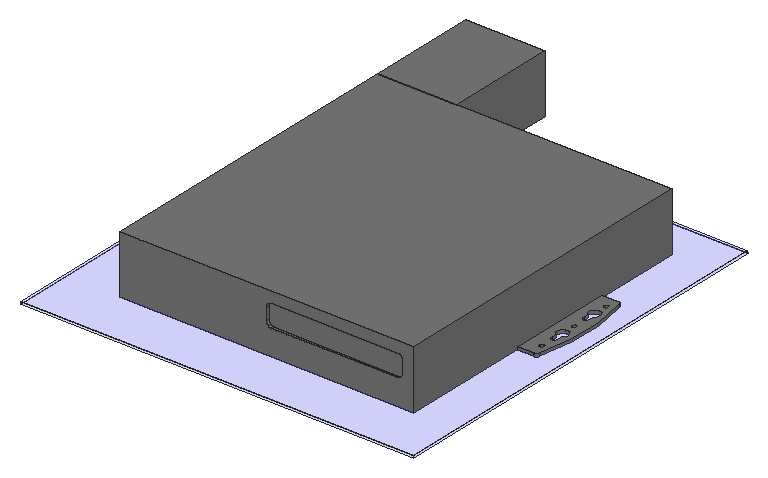
Revit family "QSC SPA4-60 Amplifier Surface Mount", category Generic Models, host Face, Revit 2014
Parameters (values of type "SPA4-60 @ 100VAC")
  Width = 8.663"  # constant formula
  Weight Product (lb) = 4  # constant formula
  Weight Product (kg) = 1.4  # constant formula
  Weight Dimensional (lb) = 6.5  # constant formula
  Weight Dimensional (kg) = 2.5  # constant formula
  Voltage AC = "100-240 at 50-60 Hz"  # constant formula
  URL = "http://qsc.com/products/Power_Amplifiers/Spa_Series/SPA4-60/"
  Sustainability Rating = "Energy Star"  # constant formula
  Show Surface Mount [instance] = yes
  Show Plenum Kit [instance] = yes
  Regulatory Compliance = "UL, CE, RoHS/WEEE, FCC Class B"  # constant formula
  Product Page URL = "http://qsc.com/products/Power_Amplifiers/Spa_Series/SPA4-60/\r\n\r\n\r\n."
  Product Documentation Link = "http://qsc.com/files/8714/4192/0733/SPA_Series_Specsheet_English.pdf"
  Power Standby = 24  # constant formula
  Power Peak = 170
  Power Active = 130
  Model = "SPA4-60"
  Manufacturer URL = "http://www.qscaudio.com"
  Manufacturer = "QSC Audio Products, LLC"  # constant formula
  Height = 1.730"  # constant formula
  Heat Load Standby = 33  # constant formula
  Heat Load Active = 103  # constant formula
  Face Depth = 0.0788"
  Description = "4 Channel 60 Watt/Channel Amplfier"
  Depth = 9.48819"  # constant formula
  Default Elevation = 0.000"
  Current Draw = 1.7
  Enclosure Material [instance] = Dark Gray Finish
Types (4): name | Power Peak | Power Active | Current Draw
  (no name) | 170 | 130 | 1.7
  SPA4-60 @ 100VAC | 170 | 130 | 1.7
  SPA4-60 @ 120VAC | 180 | 132 | 1.5
  SPA4-60 @ 230VAC | 184 | 184 | 0.8
Reference planes (in)
  plane 1 "Center (Front/Back)": y = 0
  plane 2: z = 0
  plane 3 "Center (Left/Right)": x = 0
  plane 4 "Left": x = -4.3315
  plane 5 "Right": x = 4.3315
  plane 6 "Top": y = 4.74409
  plane 7 "Bottom": y = -4.74409
  plane 8 "New Top": z = 1.73
  plane 9 "Face Plance": y = -4.66509
Forms (in)
  Extrusion 1, solid, material "Glass"
    sketch origin (0, 0, 0) x (1, 0, 0) y (0, 1, 0)
      loop
        line (-6, 6) -> (-6, -6.33038) -> (5.58047, -6.33038) -> (5.58047, 6) -> (-6, 6)
    from 0 to -0.079
  Extrusion 2, solid, material "Dark Gray Finish" <- "Enclosure Material", visible <- "Show Surface Mount"
    sketch origin (0, 0, 0) x (1, 0, 0) y (0, 1, 0)
      loop
        arc (-4.80961, 2.14181) -> (-4.88935, 2.11446) -> (-4.93552, 2.04393) r 0.12992
        arc (-4.93552, 2.04393) -> (-5.11701, 0.59457) -> (-4.93552, -0.85479) r 5.87795
        arc (-4.93552, -0.85479) -> (-4.88935, -0.92532) -> (-4.80961, -0.95267) r 0.12992
        line (-4.80961, -0.95267) -> (-3.88496, -0.95267)
        arc (-3.88496, -0.95267) -> (-3.80522, -0.92532) -> (-3.75905, -0.85479) r 0.12992
        arc (-3.75905, -0.85479) -> (-3.57756, 0.59457) -> (-3.75905, 2.04393) r 5.87795
        arc (-3.75905, 2.04393) -> (-3.80522, 2.11446) -> (-3.88496, 2.14181) r 0.12992
        line (-3.88496, 2.14181) -> (-4.80961, 2.14181)
      loop
        arc (-4.68587, 1.20811) -> (-4.77052, 1.51977) -> (-4.85516, 1.20811) r 0.16732
        line (-4.85516, 1.20811) -> (-4.85516, 1.04733)
        arc (-4.85516, 1.04733) -> (-4.77052, 0.96268) -> (-4.68587, 1.04733) r 0.08465
        line (-4.68587, 1.04733) -> (-4.68587, 1.20811)
      loop
        arc (-3.83941, 1.20811) -> (-3.92406, 1.51977) -> (-4.0087, 1.20811) r 0.16732
        line (-4.0087, 1.20811) -> (-4.0087, 1.04733)
        arc (-4.0087, 1.04733) -> (-3.92406, 0.96268) -> (-3.83941, 1.04733) r 0.08465
        line (-3.83941, 1.04733) -> (-3.83941, 1.20811)
      loop
        arc (-3.83548, 0.03333) -> (-3.92406, 0.3426) -> (-4.01264, 0.03333) r 0.16732
        line (-4.01264, 0.03333) -> (-4.01264, -0.12984)
        arc (-4.01264, -0.12984) -> (-3.92406, -0.21842) -> (-3.83548, -0.12984) r 0.08858
        line (-3.83548, -0.12984) -> (-3.83548, 0.03333)
      loop
        arc (-4.68193, 0.03333) -> (-4.77052, 0.3426) -> (-4.8591, 0.03333) r 0.16732
        line (-4.8591, 0.03333) -> (-4.8591, -0.12984)
        arc (-4.8591, -0.12984) -> (-4.77052, -0.21842) -> (-4.68193, -0.12984) r 0.08858
        line (-4.68193, -0.12984) -> (-4.68193, 0.03333)
      loop
        circle (-4.77445, 0.59457) r 0.06496
      loop
        circle (-4.77445, -0.58653) r 0.06496
      loop
        circle (-4.77445, 1.77567) r 0.06496
      loop
        circle (-3.92012, 1.77567) r 0.06496
      loop
        circle (-3.92012, 0.59457) r 0.06496
      loop
        circle (-3.92012, -0.58653) r 0.06496
      loop
        line (4.80961, 2.14181) -> (3.88496, 2.14181)
        arc (3.88496, 2.14181) -> (3.80522, 2.11446) -> (3.75905, 2.04393) r 0.12992
        arc (3.75905, 2.04393) -> (3.57756, 0.59457) -> (3.75905, -0.85479) r 5.87795
        arc (3.75905, -0.85479) -> (3.80522, -0.92532) -> (3.88496, -0.95267) r 0.12992
        line (3.88496, -0.95267) -> (4.80961, -0.95267)
        arc (4.80961, -0.95267) -> (4.88935, -0.92532) -> (4.93552, -0.85479) r 0.12992
        arc (4.93552, -0.85479) -> (5.11701, 0.59457) -> (4.93552, 2.04393) r 5.87795
        arc (4.93552, 2.04393) -> (4.88935, 2.11446) -> (4.80961, 2.14181) r 0.12992
      loop
        line (4.68587, 1.20811) -> (4.68587, 1.04733)
        arc (4.68587, 1.04733) -> (4.77052, 0.96268) -> (4.85516, 1.04733) r 0.08465
        line (4.85516, 1.04733) -> (4.85516, 1.20811)
        arc (4.85516, 1.20811) -> (4.77052, 1.51977) -> (4.68587, 1.20811) r 0.16732
      loop
        line (3.83941, 1.20811) -> (3.83941, 1.04733)
        arc (3.83941, 1.04733) -> (3.92406, 0.96268) -> (4.0087, 1.04733) r 0.08465
        line (4.0087, 1.04733) -> (4.0087, 1.20811)
        arc (4.0087, 1.20811) -> (3.92406, 1.51977) -> (3.83941, 1.20811) r 0.16732
      loop
        line (3.83548, 0.03333) -> (3.83548, -0.12984)
        arc (3.83548, -0.12984) -> (3.92406, -0.21842) -> (4.01264, -0.12984) r 0.08858
        line (4.01264, -0.12984) -> (4.01264, 0.03333)
        arc (4.01264, 0.03333) -> (3.92406, 0.3426) -> (3.83548, 0.03333) r 0.16732
      loop
        line (4.68193, 0.03333) -> (4.68193, -0.12984)
        arc (4.68193, -0.12984) -> (4.77052, -0.21842) -> (4.8591, -0.12984) r 0.08858
        line (4.8591, -0.12984) -> (4.8591, 0.03333)
        arc (4.8591, 0.03333) -> (4.77052, 0.3426) -> (4.68193, 0.03333) r 0.16732
      loop
        circle (4.77445, 0.59457) r 0.06496
      loop
        circle (4.77445, -0.58653) r 0.06496
      loop
        circle (4.77445, 1.77567) r 0.06496
      loop
        circle (3.92012, 1.77567) r 0.06496
      loop
        circle (3.92012, 0.59457) r 0.06496
      loop
        circle (3.92012, -0.58653) r 0.06496
    from 0 to 0.079
  Extrusion 3, solid, material "Dark Gray Finish" <- "Enclosure Material", visible <- "Show Plenum Kit"
    sketch origin (0, 0, 0) x (1, 0, 0) y (0, 1, 0)
      loop
        line (-2.01448, 7.98296) -> (-4.3315, 7.98296) -> (-4.3315, 4.74429) -> (-2.01448, 4.74429) -> (-2.01448, 7.98296)
    from 0 to 1.73 <- "Height"
Dimensions and locks (in)
  equal spacing: plane 6 "Top", plane 1 "Center (Front/Back)", plane 7 "Bottom"
  "Depth": plane 6 "Top" to plane 7 "Bottom"
  equal spacing: plane 4 "Left", plane 3 "Center (Left/Right)", plane 5 "Right"
  "Width": plane 4 "Left" to plane 5 "Right"
  plane 4 "Left" to plane 5 "Right" = 8.663"
  "Height": plane 8 "New Top" to plane 2
  plane 9 "Face Plance" to plane 7 "Bottom" = 0.079"
  aligned and locked: plane 2 to Extrusion 1
  aligned and locked: level to Extrusion 1
Automatic sketch dimensions
  Extrusion 1 sketch curve to Extrusion 1 sketch curve = 11.58047"
  Extrusion 1 sketch curve to Extrusion 1 sketch curve = 12.33038"
  Extrusion 2 sketch curve to plane 1 "Center (Front/Back)" = 0.59457"  (x4)
  Extrusion 2 sketch curve to plane 4 "Left" = 5.12402"
  Extrusion 2 sketch curve to plane 1 "Center (Front/Back)" = 0.03333"  (x4)
  Extrusion 2 sketch curve to plane 4 "Left" = 0.5276"
  Extrusion 2 sketch curve to plane 4 "Left" = 0.52366"
  Extrusion 2 sketch curve to plane 4 "Left" = 0.47811"  (x2)
  Extrusion 2 sketch curve to Extrusion 2 sketch curve = 0.03516"  (x8)
  Extrusion 2 sketch curve to plane 4 "Left" = 0.44295"
  Extrusion 2 sketch curve to Extrusion 2 sketch curve = 0.08858"  (x8)
  Extrusion 2 sketch curve to Extrusion 2 sketch curve = 0.08465"  (x8)
  plane 1 "Center (Front/Back)" to Extrusion 2 sketch curve = 0.12984"  (x4)
  plane 4 "Left" to Extrusion 2 sketch curve = 0.31886"
  plane 4 "Left" to Extrusion 2 sketch curve = 0.3228"
  plane 4 "Left" to Extrusion 2 sketch curve = 0.41138"  (x3)
  Extrusion 2 sketch curve to plane 3 "Center (Left/Right)" = 0.76094"
  plane 3 "Center (Left/Right)" to Extrusion 2 sketch curve = 0.76094"
  Extrusion 2 sketch curve to plane 5 "Right" = 0.49602"
  Extrusion 2 sketch curve to plane 5 "Right" = 0.49209"
  Extrusion 2 sketch curve to plane 5 "Right" = 0.44654"  (x2)
  Extrusion 2 sketch curve to plane 5 "Right" = 0.41138"
  plane 5 "Right" to Extrusion 2 sketch curve = 0.35043"
  plane 5 "Right" to Extrusion 2 sketch curve = 0.35437"
  plane 5 "Right" to Extrusion 2 sketch curve = 0.44295"
  Extrusion 2 sketch curve to Extrusion 2 sketch curve = 0.00394"  (x2)
  Extrusion 2 sketch curve to Extrusion 2 sketch curve = 4.60035"
  plane 1 "Center (Front/Back)" to Extrusion 2 sketch curve = 0.58653"
  Extrusion 2 sketch curve to Extrusion 2 sketch curve = 0.45669"  (x3)
  Extrusion 2 sketch curve to Extrusion 2 sketch curve = 0.23622"  (x8)
  Extrusion 2 sketch curve to Extrusion 2 sketch curve = 0.12992"  (x4)
  Extrusion 2 sketch curve to Extrusion 2 sketch curve = 0.14195"  (x4)
  Extrusion 2 sketch curve to Extrusion 2 sketch curve = 0.41929"  (x4)
  Extrusion 2 sketch curve to Extrusion 2 sketch curve = 0.45276"  (x4)
  Extrusion 2 sketch curve to Extrusion 2 sketch curve = 0.16079"  (x4)
  Extrusion 2 sketch curve to Extrusion 2 sketch curve = 0.14433"  (x4)
  Extrusion 2 sketch curve to Extrusion 2 sketch curve = 0.42323"  (x4)
  Extrusion 2 sketch curve to Extrusion 2 sketch curve = 0.000"  (x4)
  Extrusion 3 sketch curve to plane 4 "Left" = 0.000"
  plane 6 "Top" to Extrusion 3 sketch curve = 0.0002"
  Extrusion 3 sketch curve to plane 3 "Center (Left/Right)" = 2.01448"
  Extrusion 3 sketch curve to Extrusion 3 sketch curve = 3.23866"
  radius of Extrusion 2 sketch curve = 0.06496"  (x12)
Nested families (in)
  nested 1: "QSC SPA4-60 Amplifier Front Facing Rackmount" at (0, -4.66509, 0.865) x (1, 0, 0) z (0, -1, 0), type "SPA4-60 @ 100VAC"
    with Show Right Ear Short no, Show Right Ear Long no, Show Left Ear Short no, Show Left Ear Long no, Enclosure Material Dark Gray Finish
Connectors (in)
  cabletrayconduit at (-3.17299, 7.98296, 0.865), diameter 24
    settings: on Extrusion 3, index 1, connector width 12.000", connector height 12.000", connector angle 45.00°, system type 32, placement type 1, profile type 0, connector reference index -1, is primary connector yes, connector utility param no, connector description "1/2\" Conduit Knockout"
  cabletrayconduit at (-3.17299, 6.36363, 1.73), diameter 24
    settings: on Extrusion 3, index 2, connector width 12.000", connector height 12.000", connector angle 0.00°, system type 32, placement type 1, profile type 0, connector reference index -1, is primary connector no, connector utility param no, connector description "1/2\" Conduit Knockout"
  electrical at (-3.20953, 4.54744, 0.86465)
    settings: on nested 1, index 3, voltage 0 V, apparent load 0 VA, apparent load phase1 0 VA, apparent load phase2 0 VA, apparent load phase3 0 VA, power factor 1, load classification "Other", number of poles 1, system type 31, power factor state 1, is connector primary yes, connector utility no, sub classification motor no, connector description ""
  electrical at (3.82591, 4.54744, 1.35471)
    settings: on nested 1, index 4, voltage 0 V, apparent load 0 VA, apparent load phase1 0 VA, apparent load phase2 0 VA, apparent load phase3 0 VA, power factor 1, load classification "Other", number of poles 1, system type 14, power factor state 1, is connector primary no, connector utility no, sub classification motor no, connector description "Output 1"
  electrical at (3.1763, 4.54744, 1.35471)
    settings: on nested 1, index 5, voltage 0 V, apparent load 0 VA, apparent load phase1 0 VA, apparent load phase2 0 VA, apparent load phase3 0 VA, power factor 1, load classification "Other", number of poles 1, system type 14, power factor state 1, is connector primary no, connector utility no, sub classification motor no, connector description "Output 2"
  electrical at (2.60516, 4.54744, 1.3835)
    settings: on nested 1, index 6, voltage 0 V, apparent load 0 VA, apparent load phase1 0 VA, apparent load phase2 0 VA, apparent load phase3 0 VA, power factor 1, load classification "Other", number of poles 1, system type 14, power factor state 1, is connector primary no, connector utility no, sub classification motor no, connector description "Ch 1&2 Standby Control"
  electrical at (2.21146, 4.54744, 1.3835)
    settings: on nested 1, index 7, voltage 0 V, apparent load 0 VA, apparent load phase1 0 VA, apparent load phase2 0 VA, apparent load phase3 0 VA, power factor 1, load classification "Other", number of poles 1, system type 14, power factor state 1, is connector primary no, connector utility no, sub classification motor no, connector description "Ch 1&2 Volume Control"
  electrical at (1.68134, 4.54744, 1.3835)
    settings: on nested 1, index 8, voltage 0 V, apparent load 0 VA, apparent load phase1 0 VA, apparent load phase2 0 VA, apparent load phase3 0 VA, power factor 1, load classification "Other", number of poles 1, system type 14, power factor state 1, is connector primary no, connector utility no, sub classification motor no, connector description "Input 1"
  electrical at (1.28764, 4.54744, 1.3835)
    settings: on nested 1, index 9, voltage 0 V, apparent load 0 VA, apparent load phase1 0 VA, apparent load phase2 0 VA, apparent load phase3 0 VA, power factor 1, load classification "Other", number of poles 1, system type 14, power factor state 1, is connector primary no, connector utility no, sub classification motor no, connector description "Input 2"
  electrical at (1.28764, 4.54744, 1.0835)
    settings: on nested 1, index 10, voltage 0 V, apparent load 0 VA, apparent load phase1 0 VA, apparent load phase2 0 VA, apparent load phase3 0 VA, power factor 1, load classification "Other", number of poles 1, system type 14, power factor state 1, is connector primary no, connector utility no, sub classification motor no, connector description "Input 4"
  electrical at (1.68134, 4.54744, 1.0835)
    settings: on nested 1, index 11, voltage 0 V, apparent load 0 VA, apparent load phase1 0 VA, apparent load phase2 0 VA, apparent load phase3 0 VA, power factor 1, load classification "Other", number of poles 1, system type 14, power factor state 1, is connector primary no, connector utility no, sub classification motor no, connector description "Input 3"
  electrical at (2.21146, 4.54744, 1.0835)
    settings: on nested 1, index 12, voltage 0 V, apparent load 0 VA, apparent load phase1 0 VA, apparent load phase2 0 VA, apparent load phase3 0 VA, power factor 1, load classification "Other", number of poles 1, system type 14, power factor state 1, is connector primary no, connector utility no, sub classification motor no, connector description "Ch 3&4 Volume Control"
  electrical at (2.60516, 4.54744, 1.0835)
    settings: on nested 1, index 13, voltage 0 V, apparent load 0 VA, apparent load phase1 0 VA, apparent load phase2 0 VA, apparent load phase3 0 VA, power factor 1, load classification "Other", number of poles 1, system type 14, power factor state 1, is connector primary no, connector utility no, sub classification motor no, connector description "Ch 3&4 Standby Control"
  electrical at (3.1763, 4.54744, 0.35471)
    settings: on nested 1, index 14, voltage 0 V, apparent load 0 VA, apparent load phase1 0 VA, apparent load phase2 0 VA, apparent load phase3 0 VA, power factor 1, load classification "Other", number of poles 1, system type 14, power factor state 1, is connector primary no, connector utility no, sub classification motor no, connector description "Output 4"
  electrical at (3.82591, 4.54744, 0.35471)
    settings: on nested 1, index 15, voltage 0 V, apparent load 0 VA, apparent load phase1 0 VA, apparent load phase2 0 VA, apparent load phase3 0 VA, power factor 1, load classification "Other", number of poles 1, system type 14, power factor state 1, is connector primary no, connector utility no, sub classification motor no, connector description "Output 3"
Definition of nested family "QSC SPA4-60 Amplifier Front Facing Rackmount"
  Parameters (values of type "SPA4-60 @ 230VAC")
    Width = 8.663"  # constant formula
    Weight Product (lb) = 4  # constant formula
    Weight Product (kg) = 1.4  # constant formula
    Weight Dimensional (lb) = 6.5  # constant formula
    Weight Dimensional (kg) = 2.5  # constant formula
    Voltage AC = "100-240 at 50-60 Hz"  # constant formula
    URL = "http://qsc.com/products/Power_Amplifiers/Spa_Series/SPA4-60/"
    Sustainability Rating = "Energy Star"  # constant formula
    Show Right Ear Short [instance] = yes
    Show Right Ear Long [instance] = no
    Show Left Ear Short [instance] = yes
    Show Left Ear Long [instance] = no
    Regulatory Compliance = "UL, CE, RoHS/WEEE, FCC Class B"  # constant formula
    Product Page URL = "http://qsc.com/products/Power_Amplifiers/Spa_Series/SPA4-60/\r\n\r\n\r\n."
    Product Documentation Link = "http://qsc.com/files/8714/4192/0733/SPA_Series_Specsheet_English.pdf"
    Power Standby = 24  # constant formula
    Power Peak = 184
    Power Active = 184
    Model = "SPA4-60"
    Manufacturer URL = "http://www.qscaudio.com"
    Manufacturer = "QSC Audio Products, LLC"  # constant formula
    Height = 1.730"  # constant formula
    Heat Load Standby = 33  # constant formula
    Heat Load Active = 103  # constant formula
    Face Depth = 0.0788"
    Description = "4 Channel 60 Watt/Channel Amplfier"
    Depth = 9.48819"  # constant formula
    Default Elevation = 0.000"
    Current Draw = 0.8
    Enclosure Material [instance] = Dark Gray Finish
    Amp Only Width = 8.663"  # constant formula
  Types (4): name | Power Peak | Power Active | Current Draw
    (no name) | 184 | 184 | 0.8
    SPA4-60 @ 100VAC | 170 | 130 | 1.7
    SPA4-60 @ 120VAC | 180 | 132 | 1.5
    SPA4-60 @ 230VAC | 184 | 184 | 0.8
  Reference planes (in)
    plane 1 "Center (Front/Back)": y = 0
    plane 2: z = 0
    plane 3 "Center (Left/Right)": x = 0
    plane 4 "Left": x = -4.3315
    plane 5 "Right": x = 4.3315
    plane 6 "Top": y = 0.865
    plane 7 "Bottom": y = -0.865
    plane 8 "Back": z = -9.40939
    plane 9 "Right Extend Ear": x = 13.8135
    plane 10 "Left Extend Ear": x = -13.8135
    plane 11 "Left Short Ear": x = -5.1529
    plane 12 "Right Short Ear": x = 5.1529
    plane 13 "Front": z = 0.0788
  Forms (in)
    Extrusion 1, solid, material "Glass"
      sketch origin (0, 0, 0) x (1, 0, 0) y (0, 1, 0)
        loop
          line (-14.5, 1.9685) -> (-14.5, -1.88975) -> (14.73031, -1.88975) -> (14.73031, 1.9685) -> (-14.5, 1.9685)
      from 0 to -0.079
    Extrusion 2, solid, material "Dark Gray Finish" <- "Enclosure Material"
      sketch origin (0, -0.865, 0) x (-1, 0, 0) y (0, 0, 1)
        loop
          line (4.3315, 0.0788) -> (-4.3315, 0.0788) -> (-4.3315, -9.40939) -> (4.3315, -9.40939) -> (4.3315, 0.0788)
      from 0 to 1.73 <- "Height"
    Extrusion 3, void
      sketch origin (0, 0, -9.40939) x (-1, 0, 0) y (0, -1, 0)
        loop
          line (-4.13103, -0.64625) -> (-3.52079, -0.64625) -> (-3.52079, -0.33317) -> (-4.13103, -0.33317) -> (-4.13103, -0.64625)
        loop
          line (-2.87118, -0.33317) -> (-3.48142, -0.33317) -> (-3.48142, -0.64625) -> (-2.87118, -0.64625) -> (-2.87118, -0.33317)
        loop
          line (-2.73547, -0.40133) -> (-2.73547, -0.63567) -> (-2.47484, -0.63567) -> (-2.47484, -0.40133) -> (-2.73547, -0.40133)
        loop
          line (-1.98744, -0.63567) -> (-1.98744, -0.40133) -> (-2.43547, -0.40133) -> (-2.43547, -0.63567) -> (-1.98744, -0.63567)
        loop
          line (-1.8585, -0.40133) -> (-1.8585, -0.63567) -> (-1.50417, -0.63567) -> (-1.50417, -0.40133) -> (-1.8585, -0.40133)
        loop
          line (-1.11047, -0.63567) -> (-1.11047, -0.40133) -> (-1.4648, -0.40133) -> (-1.4648, -0.63567) -> (-1.11047, -0.63567)
        loop
          line (2.83544, -0.39444) -> (3.58439, -0.39444)
          arc (3.58439, -0.39444) -> (3.66726, -0.36012) -> (3.70158, -0.27725) r 0.11719
          line (3.70158, -0.27725) -> (3.70158, 0.04564)
          arc (3.70158, 0.04564) -> (3.69563, 0.07554) -> (3.6787, 0.10088) r 0.07813
          line (3.6787, 0.10088) -> (3.52761, 0.25197)
          arc (3.52761, 0.25197) -> (3.50227, 0.26891) -> (3.47237, 0.27485) r 0.07813
          line (3.47237, 0.27485) -> (2.94654, 0.27485)
          arc (2.94654, 0.27485) -> (2.91664, 0.26891) -> (2.89129, 0.25197) r 0.07813
          line (2.89129, 0.25197) -> (2.74021, 0.10088)
          arc (2.74021, 0.10088) -> (2.72327, 0.07554) -> (2.71733, 0.04564) r 0.07813
          line (2.71733, 0.04564) -> (2.71733, -0.27633)
          arc (2.71733, -0.27633) -> (2.75192, -0.35985) -> (2.83544, -0.39444) r 0.11811
        loop
          line (-2.73547, -0.10133) -> (-2.73547, -0.33567) -> (-2.47484, -0.33567) -> (-2.47484, -0.10133) -> (-2.73547, -0.10133)
        loop
          line (-1.98744, -0.33567) -> (-1.98744, -0.10133) -> (-2.43547, -0.10133) -> (-2.43547, -0.33567) -> (-1.98744, -0.33567)
        loop
          line (-1.8585, -0.10133) -> (-1.8585, -0.33567) -> (-1.50417, -0.33567) -> (-1.50417, -0.10133) -> (-1.8585, -0.10133)
        loop
          line (-1.11047, -0.33567) -> (-1.11047, -0.10133) -> (-1.4648, -0.10133) -> (-1.4648, -0.33567) -> (-1.11047, -0.33567)
        loop
          line (-4.13103, 0.35375) -> (-3.52079, 0.35375) -> (-3.52079, 0.66683) -> (-4.13103, 0.66683) -> (-4.13103, 0.35375)
        loop
          line (-2.87118, 0.66683) -> (-3.48142, 0.66683) -> (-3.48142, 0.35375) -> (-2.87118, 0.35375) -> (-2.87118, 0.66683)
      from 0 to 0.19685
    Extrusion 4, void
      sketch origin (-16.617, -180, 0.0788) x (0, -1, 0) y (-1, 0, 0)
        loop
          line (-180.55192, -16.7645) -> (-180.55192, -20.46917)
          arc (-180.55192, -20.46917) -> (-180.50615, -20.57966) -> (-180.39567, -20.62542) r 0.15625
          line (-180.39567, -20.62542) -> (-180.03888, -20.62542)
          arc (-180.03888, -20.62542) -> (-179.92839, -20.57966) -> (-179.88263, -20.46917) r 0.15625
          line (-179.88263, -20.46917) -> (-179.88263, -16.7645)
          arc (-179.88263, -16.7645) -> (-179.92839, -16.65402) -> (-180.03888, -16.60825) r 0.15625
          line (-180.03888, -16.60825) -> (-180.39567, -16.60825)
          arc (-180.39567, -16.60825) -> (-180.50615, -16.65402) -> (-180.55192, -16.7645) r 0.15625
      from 0 to 0.079
    Extrusion 5, solid, material "Dark Gray Finish" <- "Enclosure Material", visible <- "Show Left Ear Short"
      sketch origin (0, 0, 0) x (1, 0, 0) y (0, 1, 0)
        loop
          arc (-5.02784, 0.865) -> (-5.11623, 0.82839) -> (-5.1529, 0.74) r 0.125
          line (-5.1529, 0.74) -> (-5.15284, -0.74)
          arc (-5.15284, -0.74) -> (-5.11623, -0.82839) -> (-5.02784, -0.865) r 0.125
          line (-5.02784, -0.865) -> (-4.3315, -0.865) -> (-4.3315, 0.865) -> (-5.02784, 0.865)
        loop
          line (-4.7552, 0.76559) -> (-4.893, 0.76559)
          arc (-4.893, 0.76559) -> (-5.0266, 0.64002) -> (-4.90953, 0.4989) r 0.13386
          arc (-4.90953, 0.4989) -> (-4.8241, 0.41343) -> (-4.73867, 0.4989) r 0.08543
          arc (-4.73867, 0.4989) -> (-4.6216, 0.64002) -> (-4.7552, 0.76559) r 0.13386
        loop
          arc (-4.7552, -0.75213) -> (-4.6216, -0.62655) -> (-4.73867, -0.48543) r 0.13386
          arc (-4.73867, -0.48543) -> (-4.8241, -0.39996) -> (-4.90953, -0.48543) r 0.08543
          arc (-4.90953, -0.48543) -> (-5.0266, -0.62655) -> (-4.893, -0.75213) r 0.13386
          line (-4.893, -0.75213) -> (-4.7552, -0.75213)
      from 0 to 0.0788 <- "Face Depth"
    Extrusion 6, solid, material "Dark Gray Finish" <- "Enclosure Material", visible <- "Show Right Ear Short"
      sketch origin (0, 0, 0) x (-1, 0, 0) y (0, -1, 0)
        loop
          line (-5.02784, -0.865) -> (-4.3315, -0.865) -> (-4.3315, 0.865) -> (-5.02784, 0.865)
          arc (-5.02784, 0.865) -> (-5.11623, 0.82839) -> (-5.15284, 0.74) r 0.125
          line (-5.15284, 0.74) -> (-5.1529, -0.74)
          arc (-5.1529, -0.74) -> (-5.11623, -0.82839) -> (-5.02784, -0.865) r 0.125
        loop
          arc (-4.7552, -0.76559) -> (-4.6216, -0.64002) -> (-4.73867, -0.4989) r 0.13386
          arc (-4.73867, -0.4989) -> (-4.8241, -0.41343) -> (-4.90953, -0.4989) r 0.08543
          arc (-4.90953, -0.4989) -> (-5.0266, -0.64002) -> (-4.893, -0.76559) r 0.13386
          line (-4.893, -0.76559) -> (-4.7552, -0.76559)
        loop
          line (-4.7552, 0.75213) -> (-4.893, 0.75213)
          arc (-4.893, 0.75213) -> (-5.0266, 0.62655) -> (-4.90953, 0.48543) r 0.13386
          arc (-4.90953, 0.48543) -> (-4.8241, 0.39996) -> (-4.73867, 0.48543) r 0.08543
          arc (-4.73867, 0.48543) -> (-4.6216, 0.62655) -> (-4.7552, 0.75213) r 0.13386
      from 0 to 0.0788 <- "Face Depth"
    Extrusion 7, solid, material "Dark Gray Finish" <- "Enclosure Material", visible <- "Show Right Ear Long"
      sketch origin (0, 0, 0) x (-1, 0, 0) y (0, -1, 0)
        loop
          arc (-13.55582, -0.49787) -> (-13.68968, -0.63173) -> (-13.55582, -0.76559) r 0.13386
          line (-13.55582, -0.76559) -> (-13.41803, -0.76559)
          arc (-13.41803, -0.76559) -> (-13.28417, -0.63173) -> (-13.41803, -0.49787) r 0.13386
          line (-13.41803, -0.49787) -> (-13.55582, -0.49787)
        loop
          arc (-13.55582, 0.75213) -> (-13.68968, 0.61827) -> (-13.55582, 0.48441) r 0.13386
          line (-13.55582, 0.48441) -> (-13.41803, 0.48441)
          arc (-13.41803, 0.48441) -> (-13.28417, 0.61827) -> (-13.41803, 0.75213) r 0.13386
          line (-13.41803, 0.75213) -> (-13.55582, 0.75213)
        loop
          line (-13.8135, 0.74) -> (-13.8135, -0.74)
          arc (-13.8135, -0.74) -> (-13.77689, -0.82839) -> (-13.6885, -0.865) r 0.125
          line (-13.6885, -0.865) -> (-4.3315, -0.865) -> (-4.3315, 0.865) -> (-13.6885, 0.865)
          arc (-13.6885, 0.865) -> (-13.77689, 0.82839) -> (-13.8135, 0.74) r 0.125
      from 0 to 0.0788 <- "Face Depth"
    Extrusion 8, solid, material "Dark Gray Finish" <- "Enclosure Material", visible <- "Show Left Ear Long"
      sketch origin (0, 0, 0) x (1, 0, 0) y (0, 1, 0)
        loop
          line (-13.55582, 0.49787) -> (-13.41803, 0.49787)
          arc (-13.41803, 0.49787) -> (-13.28417, 0.63173) -> (-13.41803, 0.76559) r 0.13386
          line (-13.41803, 0.76559) -> (-13.55582, 0.76559)
          arc (-13.55582, 0.76559) -> (-13.68968, 0.63173) -> (-13.55582, 0.49787) r 0.13386
        loop
          line (-13.55582, -0.75213) -> (-13.41803, -0.75213)
          arc (-13.41803, -0.75213) -> (-13.28417, -0.61827) -> (-13.41803, -0.48441) r 0.13386
          line (-13.41803, -0.48441) -> (-13.55582, -0.48441)
          arc (-13.55582, -0.48441) -> (-13.68968, -0.61827) -> (-13.55582, -0.75213) r 0.13386
        loop
          arc (-13.8135, -0.74) -> (-13.77689, -0.82839) -> (-13.6885, -0.865) r 0.125
          line (-13.6885, -0.865) -> (-4.3315, -0.865) -> (-4.3315, 0.865) -> (-13.6885, 0.865)
          arc (-13.6885, 0.865) -> (-13.77689, 0.82839) -> (-13.8135, 0.74) r 0.125
          line (-13.8135, 0.74) -> (-13.8135, -0.74)
      from 0 to 0.0788 <- "Face Depth"
  Cuts and joins
    Extrusion 3, Extrusion 4 cuts Extrusion 2
  Lines and regions (in)
    model lines, style "GenericModel", not visible, detail levels fine
      curve 1: line (13.55599, -1.01274, 0.03125) -> (13.46873, -0.89778, 0.03125)
      curve 2: line (13.46873, -0.89778, 0.03125) -> (13.55599, -1.01274, 0.03125)
      curve 3: line (13.15237, -0.99839, 0.03125) -> (13.18534, -0.8798, 0.03125)
      curve 4: line (13.18534, -0.8798, 0.03125) -> (13.15237, -0.99839, 0.03125)
      curve 5: line (13.20744, -1.07691, 0.03125) -> (13.18283, -0.85745, 0.03125)
      curve 6: line (13.18283, -0.85745, 0.03125) -> (13.20744, -1.07691, 0.03125)
      curve 7: line (13.67283, -0.92336, 0.03125) -> (13.75064, -0.98053, 0.03125)
      curve 8: line (13.75064, -0.98053, 0.03125) -> (13.67283, -0.92336, 0.03125)
      curve 25: line (-3.35339, 0.42119, 0) -> (-3.44988, 0.54832, 0)
      curve 26: line (-3.44988, 0.54832, 0) -> (-3.35339, 0.42119, 0)
      curve 27: line (-3.7997, 0.43707, 0) -> (-3.76325, 0.5682, 0)
      curve 28: line (-3.76325, 0.5682, 0) -> (-3.7997, 0.43707, 0)
      curve 29: line (-3.73881, 0.35024, 0) -> (-3.76602, 0.59291, 0)
      curve 30: line (-3.76602, 0.59291, 0) -> (-3.73881, 0.35024, 0)
      curve 31: line (-3.22419, 0.52002, 0) -> (-3.13815, 0.45681, 0)
      curve 32: line (-3.13815, 0.45681, 0) -> (-3.22419, 0.52002, 0)
      curve 45: line (-3.35339, 0.42119, 0.0788) -> (-3.44988, 0.54832, 0.0788)
      curve 46: line (-3.44988, 0.54832, 0.0788) -> (-3.35339, 0.42119, 0.0788)
      curve 47: line (-3.7997, 0.43707, 0.0788) -> (-3.76325, 0.5682, 0.0788)
      curve 48: line (-3.76325, 0.5682, 0.0788) -> (-3.7997, 0.43707, 0.0788)
      curve 49: line (-3.73881, 0.35024, 0.0788) -> (-3.76602, 0.59291, 0.0788)
      curve 50: line (-3.76602, 0.59291, 0.0788) -> (-3.73881, 0.35024, 0.0788)
      curve 51: line (-3.22419, 0.52002, 0.0788) -> (-3.13815, 0.45681, 0.0788)
      curve 52: line (-3.13815, 0.45681, 0.0788) -> (-3.22419, 0.52002, 0.0788)
    model lines, not visible
      curve 9: arc (-4.09496, -0.0625, 1.79211) -> (-3.79966, 0.2328, 1.79211) -> (-3.50436, -0.0625, 1.79211) r 0.2953
      curve 10: arc (-3.50436, -0.0625, 1.79211) -> (-3.79966, -0.3578, 1.79211) -> (-4.09496, -0.0625, 1.79211) r 0.2953
      curve 11: arc (2.90932, 0.1875, 1.79211) -> (3.51952, 0.7977, 1.79211) -> (4.12972, 0.1875, 1.79211) r 0.6102
      curve 12: arc (4.12972, 0.1875, 1.79211) -> (3.51952, -0.4227, 1.79211) -> (2.90932, 0.1875, 1.79211) r 0.6102
      curve 13: line (2.1373, 0.9632, 1.79211) -> (2.1373, -0.8138, 1.79211)
      curve 14: line (2.1373, -0.8138, 1.79211) -> (-0.6525, -0.8138, 1.79211)
      curve 15: line (-0.6525, -0.8138, 1.79211) -> (-0.6525, 0.9632, 1.79211)
      curve 16: line (-0.6525, 0.9632, 1.79211) -> (2.1373, 0.9632, 1.79211)
      curve 37: line (-0.04, 0.55192, 0) -> (3.97575, 0.55192, 0)
      curve 38: line (-0.04, -0.11737, 0) -> (-0.04, 0.55192, 0)
      curve 39: line (3.97575, -0.11737, 0) -> (-0.04, -0.11737, 0)
      curve 40: line (3.97575, 0.55192, 0) -> (3.97575, -0.11737, 0)
    model lines, style "GenericModel", detail levels fine
      curve 17: line (-3.29089, 0.35869, 0.0788) -> (-3.38738, 0.48582, 0.0788)
      curve 18: line (-3.38738, 0.48582, 0.0788) -> (-3.29089, 0.35869, 0.0788)
      curve 19: line (-3.7372, 0.37457, 0.0788) -> (-3.70075, 0.5057, 0.0788)
      curve 20: line (-3.70075, 0.5057, 0.0788) -> (-3.7372, 0.37457, 0.0788)
      curve 21: line (-3.67631, 0.28774, 0.0788) -> (-3.70352, 0.53041, 0.0788)
      curve 22: line (-3.70352, 0.53041, 0.0788) -> (-3.67631, 0.28774, 0.0788)
      curve 23: line (-3.16169, 0.45752, 0.0788) -> (-3.07565, 0.39431, 0.0788)
      curve 24: line (-3.07565, 0.39431, 0.0788) -> (-3.16169, 0.45752, 0.0788)
    model lines
      curve 33: line (0.1475, 0.55192, 0) -> (3.85217, 0.55192, 0)
      curve 34: line (-0.00875, 0.03888, 0) -> (-0.00875, 0.39567, 0)
      curve 35: line (3.85217, -0.11737, 0) -> (0.1475, -0.11737, 0)
      curve 36: line (4.00842, 0.39567, 0) -> (4.00842, 0.03888, 0)
      curve 41: arc (-0.00875, 0.39567, 0) -> (0.03701, 0.50615, 0) -> (0.1475, 0.55192, 0) r 0.15625
      curve 42: arc (-0.00875, 0.03888, 0) -> (0.03701, -0.07161, 0) -> (0.1475, -0.11737, 0) r 0.15625
      curve 43: arc (3.85217, -0.11737, 0) -> (3.96265, -0.07161, 0) -> (4.00842, 0.03888, 0) r 0.15625
      curve 44: arc (4.00842, 0.39567, 0) -> (3.96265, 0.50615, 0) -> (3.85217, 0.55192, 0) r 0.15625
  Dimensions and locks (in)
    equal spacing: plane 6 "Top", plane 1 "Center (Front/Back)", plane 7 "Bottom"
    "Height": plane 6 "Top" to plane 7 "Bottom"
    equal spacing: plane 4 "Left", plane 3 "Center (Left/Right)", plane 5 "Right"
    "Width": plane 4 "Left" to plane 5 "Right"
    plane 4 "Left" to plane 5 "Right" = 8.663"
    plane 5 "Right" to plane 9 "Right Extend Ear" = 9.482"
    plane 10 "Left Extend Ear" to plane 4 "Left" = 9.482"
    plane 11 "Left Short Ear" to plane 4 "Left" = 0.8214"
    plane 5 "Right" to plane 12 "Right Short Ear" = 0.8214"
    "Face Depth": plane 13 "Front" to plane 2
    "Depth": plane 13 "Front" to plane 8 "Back"
    aligned and locked: plane 2 to Extrusion 1
    aligned and locked: level to Extrusion 1
    aligned and locked: plane 4 "Left" to Extrusion 2 sketch curve
    aligned and locked: plane 8 "Back" to Extrusion 2 sketch curve
    aligned and locked: Extrusion 2 sketch curve to plane 5 "Right"
    aligned and locked: Extrusion 2 sketch curve to plane 13 "Front"
    aligned and locked: Extrusion 5 sketch curve to plane 6 "Top"
    aligned and locked: plane 11 "Left Short Ear" to Extrusion 5 sketch curve
    aligned and locked: cut or joined group of Extrusion 2, Extrusion 3, Extrusion 4 to Extrusion 5 sketch curve
    aligned and locked: Extrusion 5 sketch curve to cut or joined group of Extrusion 2, Extrusion 3, Extrusion 4
    aligned and locked: cut or joined group of Extrusion 2, Extrusion 3, Extrusion 4 to Extrusion 7 sketch curve
    aligned and locked: plane 9 "Right Extend Ear" to Extrusion 7 sketch curve
    aligned and locked: Extrusion 7 sketch curve to plane 7 "Bottom"
    aligned and locked: Extrusion 7 sketch curve to plane 6 "Top"
  Automatic sketch dimensions
    curve 34 to curve 34 = 0.35679"
    curve 35 to curve 35 = 3.70467"
    curve 36 to curve 36 = 0.35679"  (x2)
    curve 34 to curve 35 = 3.86408"
    curve 35 to curve 33 = 0.66929"
    curve 23 to curve 24 = 0.000"  (x4)
    curve 24 to curve 23 = 0.10677"
    curve 18 to curve 23 = 0.16267"
    curve 17 to curve 18 = 0.000"  (x5)
    curve 17 to curve 18 = 0.15959"
    curve 18 to curve 17 = 0.000"  (x3)
    curve 21 to curve 17 = 0.35031"
    curve 22 to curve 21 = 0.000"  (x4)
    curve 20 to curve 21 = 0.21933"
    curve 19 to curve 20 = 0.000"  (x4)
    curve 22 to curve 19 = 0.02487"
    curve 21 to curve 22 = 0.000"  (x4)
    curve 19 to curve 21 = 0.10605"
    curve 20 to curve 19 = 0.000"  (x2)
    curve 22 to curve 18 = 0.3919"
    curve 21 to curve 20 = 0.10605"
    curve 17 to curve 23 = 0.21817"
    curve 24 to curve 23 = 0.000"  (x4)
    curve 23 to curve 24 = 0.10677"
    curve 18 to curve 17 = 0.15959"
    curve 20 to curve 20 = 0.13611"
    curve 24 to curve 33 = 3.227"
    curve 22 to curve 33 = 3.83293"
    curve 38 to curve 39 = 4.01575"
    curve 39 to curve 37 = 0.66929"
    curve 31 to curve 32 = 0.000"  (x3)
    curve 32 to curve 31 = 0.08604"
    curve 26 to curve 31 = 0.1292"
    curve 25 to curve 26 = 0.000"  (x2)
    curve 25 to curve 26 = 0.09649"
    curve 26 to curve 25 = 0.000"  (x2)
    curve 29 to curve 25 = 0.28894"
    curve 30 to curve 29 = 0.000"  (x2)
    curve 28 to curve 29 = 0.02444"
    curve 27 to curve 28 = 0.000"  (x2)
    curve 30 to curve 27 = 0.00277"
    curve 29 to curve 30 = 0.000"  (x2)
    curve 27 to curve 29 = 0.06089"
    curve 28 to curve 27 = 0.000"
    curve 30 to curve 26 = 0.07095"
    curve 29 to curve 28 = 0.08683"
    curve 25 to curve 31 = 0.03562"
    curve 32 to curve 31 = 0.000"
    curve 31 to curve 32 = 0.06321"
    curve 26 to curve 25 = 0.12712"
    curve 28 to curve 28 = 0.13113"
    curve 32 to curve 37 = 3.09814"
    curve 30 to curve 37 = 0.20168"
    curve 23 to curve 23 = 0.08604"
    curve 23 to curve 18 = 0.1292"
    curve 17 to curve 17 = 0.09649"
    curve 17 to curve 22 = 0.28894"
    curve 21 to curve 20 = 0.02444"
    curve 19 to curve 21 = 0.00277"
    curve 21 to curve 20 = 0.06089"
    curve 21 to curve 20 = 0.02471"
    curve 19 to curve 18 = 0.01989"
    curve 17 to curve 23 = 0.02829"
    curve 24 to curve 23 = 0.06321"
    curve 17 to curve 18 = 0.12712"
    curve 19 to curve 21 = 0.08683"
    curve 51 to curve 52 = 0.000"
    curve 51 to curve 51 = 0.08604"
    curve 52 to curve 51 = 0.000"  (x3)
    curve 51 to curve 46 = 0.1292"
    curve 45 to curve 46 = 0.000"  (x3)
    curve 45 to curve 45 = 0.09649"
    curve 46 to curve 45 = 0.000"
    curve 45 to curve 50 = 0.28894"
    curve 49 to curve 50 = 0.000"  (x2)
    curve 49 to curve 48 = 0.02444"
    curve 47 to curve 48 = 0.000"  (x2)
    curve 47 to curve 49 = 0.00277"
    curve 50 to curve 49 = 0.000"  (x2)
    curve 49 to curve 48 = 0.06089"
    curve 49 to curve 48 = 0.02471"
    curve 47 to curve 46 = 0.01989"
    curve 45 to curve 51 = 0.02829"
    curve 52 to curve 51 = 0.06321"
    curve 48 to curve 47 = 0.000"
    curve 45 to curve 46 = 0.12712"
    curve 47 to curve 49 = 0.08683"
    curve 34 to plane 3 "Center (Left/Right)" = 0.00875"
    plane 3 "Center (Left/Right)" to curve 35 = 0.1475"
    plane 3 "Center (Left/Right)" to curve 41 = 0.1475"
    curve 44 to plane 5 "Right" = 0.47933"
    plane 1 "Center (Front/Back)" to curve 35 = 0.11737"
    curve 35 to plane 5 "Right" = 0.47933"
    curve 44 to curve 36 = 0.15625"
    Extrusion 1 sketch curve to Extrusion 1 sketch curve = 29.23031"
    Extrusion 1 sketch curve to Extrusion 1 sketch curve = 3.85825"
    Extrusion 3 sketch curve to plane 5 "Right" = 0.20047"  (x2)
    Extrusion 3 sketch curve to plane 6 "Top" = 0.21875"  (x2)
    Extrusion 3 sketch curve to Extrusion 3 sketch curve = 0.61024"  (x4)
    plane 7 "Bottom" to Extrusion 3 sketch curve = 0.19817"  (x2)
    Extrusion 3 sketch curve to Extrusion 3 sketch curve = 0.03937"  (x6)
    Extrusion 3 sketch curve to Extrusion 3 sketch curve = 0.13571"  (x2)
    Extrusion 3 sketch curve to plane 1 "Center (Front/Back)" = 0.10133"  (x3)
    Extrusion 3 sketch curve to Extrusion 3 sketch curve = 0.26063"
    Extrusion 3 sketch curve to Extrusion 3 sketch curve = 0.000"  (x9)
    Extrusion 3 sketch curve to Extrusion 3 sketch curve = 0.44803"
    Extrusion 3 sketch curve to Extrusion 3 sketch curve = 0.12894"
    Extrusion 3 sketch curve to Extrusion 3 sketch curve = 0.35433"  (x2)
    Extrusion 3 sketch curve to plane 1 "Center (Front/Back)" = 0.27633"
    plane 4 "Left" to Extrusion 3 sketch curve = 1.61417"
    plane 1 "Center (Front/Back)" to Extrusion 3 sketch curve = 0.10088"  (x2)
    Extrusion 3 sketch curve to Extrusion 3 sketch curve = 0.02288"
    plane 1 "Center (Front/Back)" to Extrusion 3 sketch curve = 0.04564"  (x2)
    Extrusion 3 sketch curve to Extrusion 3 sketch curve = 0.11811"
    plane 1 "Center (Front/Back)" to Extrusion 3 sketch curve = 0.25197"  (x2)
    Extrusion 3 sketch curve to Extrusion 3 sketch curve = 0.15109"  (x2)
    Extrusion 3 sketch curve to Extrusion 3 sketch curve = 0.05524"  (x4)
    Extrusion 3 sketch curve to Extrusion 3 sketch curve = 0.52583"
    Extrusion 3 sketch curve to Extrusion 3 sketch curve = 0.11202"
    Extrusion 3 sketch curve to plane 6 "Top" = 0.22933"  (x2)
    Extrusion 3 sketch curve to Extrusion 3 sketch curve = 0.23434"  (x3)
    Extrusion 3 sketch curve to Extrusion 3 sketch curve = 0.06566"  (x4)
    Extrusion 3 sketch curve to Extrusion 3 sketch curve = 0.31308"  (x3)
    Extrusion 3 sketch curve to Extrusion 3 sketch curve = 0.0025"
    Extrusion 4 sketch curve to plane 6 "Top" = 0.31308"
    Extrusion 4 sketch curve to Extrusion 4 sketch curve = 0.15625"  (x2)
    Extrusion 4 sketch curve to plane 1 "Center (Front/Back)" = 0.03888"  (x2)
    plane 1 "Center (Front/Back)" to Extrusion 4 sketch curve = 0.11737"
    Extrusion 4 sketch curve to plane 3 "Center (Left/Right)" = 0.00875"
    Extrusion 4 sketch curve to plane 5 "Right" = 0.47933"
    plane 11 "Left Short Ear" to Extrusion 5 sketch curve = 0.12506"  (x2)
    Extrusion 5 sketch curve to Extrusion 5 sketch curve = 0.13484"  (x2)
    Extrusion 5 sketch curve to Extrusion 5 sketch curve = 0.0689"  (x2)
    Extrusion 5 sketch curve to Extrusion 5 sketch curve = 0.1378"  (x2)
    plane 7 "Bottom" to Extrusion 5 sketch curve = 0.11287"
    plane 7 "Bottom" to Extrusion 5 sketch curve = 0.125"
    Extrusion 5 sketch curve to Extrusion 5 sketch curve = 0.13386"  (x2)
    Extrusion 5 sketch curve to Extrusion 5 sketch curve = 0.13287"  (x2)
    Extrusion 5 sketch curve to plane 6 "Top" = 0.36614"
    Extrusion 5 sketch curve to Extrusion 5 sketch curve = 0.000"  (x3)
    Extrusion 5 sketch curve to Extrusion 5 sketch curve = 0.125"
    Extrusion 5 sketch curve to plane 6 "Top" = 0.09941"
    Extrusion 5 sketch curve to Extrusion 5 sketch curve = 0.08543"  (x2)
    Extrusion 6 sketch curve to plane 12 "Right Short Ear" = 0.000"
    Extrusion 6 sketch curve to plane 7 "Bottom" = 0.000"
    Extrusion 6 sketch curve to plane 6 "Top" = 0.000"
    Extrusion 6 sketch curve to plane 5 "Right" = 0.000"
    plane 12 "Right Short Ear" to Extrusion 6 sketch curve = 0.12506"  (x2)
    Extrusion 6 sketch curve to Extrusion 6 sketch curve = 0.13484"  (x2)
    Extrusion 6 sketch curve to Extrusion 6 sketch curve = 0.0689"  (x2)
    Extrusion 6 sketch curve to Extrusion 6 sketch curve = 0.1378"  (x2)
    Extrusion 6 sketch curve to plane 7 "Bottom" = 0.11287"
    Extrusion 6 sketch curve to Extrusion 6 sketch curve = 0.125"
    Extrusion 6 sketch curve to Extrusion 6 sketch curve = 0.13386"  (x2)
    Extrusion 6 sketch curve to Extrusion 6 sketch curve = 0.13287"  (x2)
    plane 6 "Top" to Extrusion 6 sketch curve = 0.36614"
    Extrusion 6 sketch curve to Extrusion 6 sketch curve = 0.000"  (x3)
    plane 6 "Top" to Extrusion 6 sketch curve = 0.125"
    plane 6 "Top" to Extrusion 6 sketch curve = 0.09941"
    Extrusion 6 sketch curve to Extrusion 6 sketch curve = 0.08543"  (x2)
    plane 9 "Right Extend Ear" to Extrusion 7 sketch curve = 0.125"
    Extrusion 7 sketch curve to Extrusion 7 sketch curve = 0.125"
    Extrusion 7 sketch curve to Extrusion 7 sketch curve = 0.13268"  (x2)
    Extrusion 7 sketch curve to Extrusion 7 sketch curve = 0.1378"  (x2)
    Extrusion 7 sketch curve to plane 7 "Bottom" = 0.11287"
    Extrusion 7 sketch curve to Extrusion 7 sketch curve = 0.13386"  (x2)
    Extrusion 7 sketch curve to Extrusion 7 sketch curve = 0.24213"
    Extrusion 8 sketch curve to plane 10 "Left Extend Ear" = 0.000"
    Extrusion 8 sketch curve to plane 6 "Top" = 0.000"
    Extrusion 8 sketch curve to plane 7 "Bottom" = 0.000"
    Extrusion 8 sketch curve to plane 4 "Left" = 0.000"
    plane 10 "Left Extend Ear" to Extrusion 8 sketch curve = 0.125"
    Extrusion 8 sketch curve to Extrusion 8 sketch curve = 0.125"
    Extrusion 8 sketch curve to Extrusion 8 sketch curve = 0.13268"  (x2)
    Extrusion 8 sketch curve to Extrusion 8 sketch curve = 0.1378"  (x2)
    plane 7 "Bottom" to Extrusion 8 sketch curve = 0.11287"
    Extrusion 8 sketch curve to Extrusion 8 sketch curve = 0.13386"  (x2)
    Extrusion 8 sketch curve to Extrusion 8 sketch curve = 0.24213"
  Connectors (in)
    electrical at (-3.20953, -0.00035, -9.21254)
      settings: on cut or joined group of Extrusion 2, Extrusion 3, Extrusion 4, index 1, voltage 0 V, apparent load 0 VA, apparent load phase1 0 VA, apparent load phase2 0 VA, apparent load phase3 0 VA, power factor 1, load classification "Other", number of poles 1, system type 31, power factor state 1, is connector primary yes, connector utility no, sub classification motor no, connector description ""
    electrical at (1.28764, 0.5185, -9.21254)
      settings: on cut or joined group of Extrusion 2, Extrusion 3, Extrusion 4, index 2, voltage 0 V, apparent load 0 VA, apparent load phase1 0 VA, apparent load phase2 0 VA, apparent load phase3 0 VA, power factor 1, load classification "Other", number of poles 1, system type 14, power factor state 1, is connector primary no, connector utility no, sub classification motor no, connector description "Input 2"
    electrical at (1.68134, 0.5185, -9.21254)
      settings: on cut or joined group of Extrusion 2, Extrusion 3, Extrusion 4, index 3, voltage 0 V, apparent load 0 VA, apparent load phase1 0 VA, apparent load phase2 0 VA, apparent load phase3 0 VA, power factor 1, load classification "Other", number of poles 1, system type 14, power factor state 1, is connector primary no, connector utility no, sub classification motor no, connector description "Input 1"
    electrical at (2.21146, 0.5185, -9.21254)
      settings: on cut or joined group of Extrusion 2, Extrusion 3, Extrusion 4, index 4, voltage 0 V, apparent load 0 VA, apparent load phase1 0 VA, apparent load phase2 0 VA, apparent load phase3 0 VA, power factor 1, load classification "Other", number of poles 1, system type 14, power factor state 1, is connector primary no, connector utility no, sub classification motor no, connector description "Volume Control"
    electrical at (2.60516, 0.5185, -9.21254)
      settings: on cut or joined group of Extrusion 2, Extrusion 3, Extrusion 4, index 5, voltage 0 V, apparent load 0 VA, apparent load phase1 0 VA, apparent load phase2 0 VA, apparent load phase3 0 VA, power factor 1, load classification "Other", number of poles 1, system type 14, power factor state 1, is connector primary no, connector utility no, sub classification motor no, connector description "Ch 1&2 Standby Control"
    electrical at (3.1763, 0.48971, -9.21254)
      settings: on cut or joined group of Extrusion 2, Extrusion 3, Extrusion 4, index 6, voltage 0 V, apparent load 0 VA, apparent load phase1 0 VA, apparent load phase2 0 VA, apparent load phase3 0 VA, power factor 1, load classification "Other", number of poles 1, system type 14, power factor state 1, is connector primary no, connector utility no, sub classification motor no, connector description "Output 2"
    electrical at (3.82591, 0.48971, -9.21254)
      settings: on cut or joined group of Extrusion 2, Extrusion 3, Extrusion 4, index 7, voltage 0 V, apparent load 0 VA, apparent load phase1 0 VA, apparent load phase2 0 VA, apparent load phase3 0 VA, power factor 1, load classification "Other", number of poles 1, system type 14, power factor state 1, is connector primary no, connector utility no, sub classification motor no, connector description "Output 1"
    electrical at (3.82591, -0.51029, -9.21254)
      settings: on cut or joined group of Extrusion 2, Extrusion 3, Extrusion 4, index 8, voltage 0 V, apparent load 0 VA, apparent load phase1 0 VA, apparent load phase2 0 VA, apparent load phase3 0 VA, power factor 1, load classification "Other", number of poles 1, system type 14, power factor state 1, is connector primary no, connector utility no, sub classification motor no, connector description "Output 3"
    electrical at (3.1763, -0.51029, -9.21254)
      settings: on cut or joined group of Extrusion 2, Extrusion 3, Extrusion 4, index 9, voltage 0 V, apparent load 0 VA, apparent load phase1 0 VA, apparent load phase2 0 VA, apparent load phase3 0 VA, power factor 1, load classification "Other", number of poles 1, system type 14, power factor state 1, is connector primary no, connector utility no, sub classification motor no, connector description "Output 4"
    electrical at (2.60516, 0.2185, -9.21254)
      settings: on cut or joined group of Extrusion 2, Extrusion 3, Extrusion 4, index 10, voltage 0 V, apparent load 0 VA, apparent load phase1 0 VA, apparent load phase2 0 VA, apparent load phase3 0 VA, power factor 1, load classification "Other", number of poles 1, system type 14, power factor state 1, is connector primary no, connector utility no, sub classification motor no, connector description "Ch 3&4 Standby Control"
    electrical at (2.21146, 0.2185, -9.21254)
      settings: on cut or joined group of Extrusion 2, Extrusion 3, Extrusion 4, index 11, voltage 0 V, apparent load 0 VA, apparent load phase1 0 VA, apparent load phase2 0 VA, apparent load phase3 0 VA, power factor 1, load classification "Other", number of poles 1, system type 14, power factor state 1, is connector primary no, connector utility no, sub classification motor no, connector description "Ch 3&4 Volume Control"
    electrical at (1.68134, 0.2185, -9.21254)
      settings: on cut or joined group of Extrusion 2, Extrusion 3, Extrusion 4, index 12, voltage 0 V, apparent load 0 VA, apparent load phase1 0 VA, apparent load phase2 0 VA, apparent load phase3 0 VA, power factor 1, load classification "Other", number of poles 1, system type 14, power factor state 1, is connector primary no, connector utility no, sub classification motor no, connector description "Input 3"
    electrical at (1.28764, 0.2185, -9.21254)
      settings: on cut or joined group of Extrusion 2, Extrusion 3, Extrusion 4, index 13, voltage 0 V, apparent load 0 VA, apparent load phase1 0 VA, apparent load phase2 0 VA, apparent load phase3 0 VA, power factor 1, load classification "Other", number of poles 1, system type 14, power factor state 1, is connector primary no, connector utility no, sub classification motor no, connector description "Input 4"
